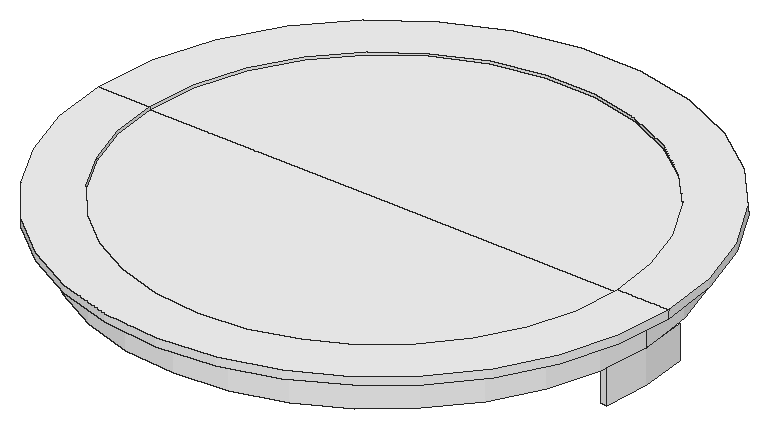
Revit family "0053892 Sylvania Lighting Fixture START eco Downlight Flat 1600lm 830 DIM", category Lighting Fixtures, host Face, Revit 2016
Family settings
  Host = Face
  Part Type = Normal
  Round Connector Dimension = Use Diameter
  OmniClass Number = 23.80.70.11.14.11
  OmniClass Title = Downlights
  Cut with Voids When Loaded = No
  Light Source = Yes
  Shared = No
  Room Calculation Point = No
Parameters (values of type "0053892 START eco Downlight Flat 1600lm 830 DIM ")
  Weight = "6.54 kg"
  Wattage Comments = "n/a"
  Wattage = 18 W
  WarrantyStartDate [instance] = "n/a"
  WarrantyGuarantorParts = "n/a"
  WarrantyDurationUnit = "year"
  WarrantyDurationParts = "n/a"
  WarrantyDescription = "n/a"
  built-in parameter 1150110 = 1 (stored number, unit not read)
  Voltage = 230 V
  URL = "http://www.feilosylvania.com"
  TypeName = "START eco Downlight Flat 1600lm 830 DIM"
  Type Image = <None>
  Type Comments = "n/a"
  built-in parameter 1114217 = 1 (stored number, unit not read)
  Tilt Angle = -90.00°
  built-in parameter 1150109 = 1 (stored number, unit not read)
  built-in parameter 1150134 = (empty or 0)
  built-in parameter 1150113 = 1 (stored number, unit not read)
  SpringMountStartAngle_FEILO = -SpringMountEndAngle_FEILO  # -10.00°
  SpringMountEndAngle_FEILO = 10.00°
  SerialNumber [instance] = "n/a"
  ReflectorMaterial = none
  RecessedHeight_FEILO = 26 mm
  RecessedDiameter_FEILO = 205 mm
  PowerFactor = 0
  PowerConsumption = "18 W"
  Photometric Web File = "0053309.ies"
  NominalLength = 222 mm
  NominalHeight = 26 mm
  NominalDepth = 222 mm
  Name = "START eco Downlight Flat 1600lm 830 DIM"
  ModelReference = Name  # "START eco Downlight Flat 1600lm 830 DIM"
  ModelNumber = "0053892"
  Model = Name  # "START eco Downlight Flat 1600lm 830 DIM"
  Material = "Aluminium"
  ManufacturerName = "Feilo Sylvania"
  Manufacturer = "Feilo Sylvania"
  LuminousEfficacy = "90 lm/W"
  built-in parameter 1150105 = 128.92 (stored number, unit not read)
  Lumens = 1620 lm
  LuminaireType = "LED recessed downlight"
  built-in parameter 1150115 = 1 (stored number, unit not read)
  LightOutputRatio = "1"
  built-in parameter 1150137 = (empty or 0)
  built-in parameter 1150139 = (empty or 0)
  LampsType = Lamp  # "LED"
  LampNominalLuminous = "1616 lm"
  LampMacAdamStep = "n/a"
  LampColourTemperature = "3000 K"
  LampColourRenderingIndex = "80"
  built-in parameter 1150112 = 1 (stored number, unit not read)
  built-in parameter 1150114 = 1 (stored number, unit not read)
  Lamp = "LED"
  Keynote = "16500"
  InstallationDate [instance] = "n/a"
  InputVoltage = "220-240V~"
  InputNominalFrequency = "50/60 Hz"
  built-in parameter 1150132 = (empty or 0)
  built-in parameter 1150102 = (empty or 0)
  built-in parameter 1150107 = 3000 (stored number, unit not read)
  built-in parameter 1150138 = (empty or 0)
  IngressProtection = "IP44"
  ImpactProtectionIndex = "IK06"
  built-in parameter 1150106 = 1.2892 (stored number, unit not read)
  IfcExportType = "IfcLightFixtureType"
  IfcExportAs = "IfcLightFixtureType"
  ExpectedLife = 50000
  Emit from Circle Diameter = 182 mm
  Emit Shape Visible in Rendering = no
  ElectricShockClassification = "Class II"
  built-in parameter 1150104 = 8.3613 (stored number, unit not read)
  DurationUnit = "hours"
  DocumentationLiterature = "http://www.feilosylvania.com/product/en-int/products/0053309"
  DimmingControlOptions = "Dimmable"
  Dimming Lamp Color Temperature Shift = <None>
  DiffuserMaterial = Diffuser-Sylvania-Glow
  Description = "Integrated LED recessed downlight providing 1620 fixture lumens at a wattage of 18W giving a high efficacy of 90lm/W. Fitting includes Leading/Trailing edge phase dimmable driver and has a round ceiling cut out of 205mm with an IP20 and IK02 rating providing uniform distribution with an Opal diffuser and 110° beam angle. Provided including a Loop in Loop out box and built Built white aluminium housing."
  Default Elevation = 1219.2 mm
  CutoutHeight_FEILO = RecessedHeight_FEILO + 10 mm  # 36 mm
  CreatedOn = "'03-11-2017"
  CreatedBy = "aron.fodor@feilosylvania.com"
  Cost = 0
  Color Filter = 16777215
  built-in parameter 1114216 [instance] = (empty or 0)
  ClassificationValue = "EF_70_80"
  ClassificationName = "Uniclass2015"
  BodyWidth_FEILO = 222 mm
  BodyMaterial = Body-Sylvania-SylFlatDimmable-White
  BodyLength_FEILO = 222 mm
  BodyHeight_FEILO = 13 mm
  BarCode [instance] = "n/a"
  built-in parameter 1114218 = 1 (stored number, unit not read)
  built-in parameter 1150133 = 10 (stored number, unit not read)
  AssetType = "Fixed"
  AssetIdentifier [instance] = "n/a"
  Assembly Code = "D5020200"
  Apparent Load = 0 VA
  AccessoryMaterial = Diffuser-Sylvania-Glow
Reference planes
  plane 1 "Center (Front/Back)": y = 0
  plane 2: z = 0
  plane 3 "Center (Left/Right)": x = 0
  plane 4: x = 111
  plane 5: x = -111
  plane 6: y = 111
  plane 7: y = -111
  plane 8: z = 3
  plane 9: z = -26
  plane 10: x = 102.5
  plane 11: x = -102.5
  plane 12: y = 102.5
  plane 13: y = -102.5
  plane 14: z = 2
  plane 15: x = -91
  plane 16: z = -13
  plane 17: x = -100
  plane 18: x = 100
  plane 19: z = -36
Forms (mm)
  Revolve 1, solid, material "Body-Sylvania-SylFlatDimmable-White" <- "BodyMaterial"
    sketch origin (0, 0, 0) x (1, 0, 0) y (0, 0, 1)
      loop
        line (0, -13) -> (0, 2) -> (-91, 2) -> (-91, 3) -> (-111, 3) -> (-111, 0) -> (-102.5, 0) -> (-102.5, -13) -> (0, -13)
      axis (0, 3) -> (0, -13)
    angle from 360 to 0
  Revolve 2, solid, material "Body-Sylvania-SylFlatDimmable-White" <- "BodyMaterial"
    sketch origin (0.654, 0, 0) x (1, 0, 0) y (0, 0, 1)
      loop
        line (-103.154, -13) -> (-103.154, -26) -> (-100.654, -26) -> (-100.654, -13) -> (-103.154, -13)
      axis (-0.654, -13) -> (-0.654, -26)
    angle from -10 <- "SpringMountStartAngle_FEILO" to 10 <- "SpringMountEndAngle_FEILO"
  Revolve 3, solid, material "Body-Sylvania-SylFlatDimmable-White" <- "BodyMaterial"
    sketch origin (0, 0, 0) x (1, 0, 0) y (0, 0, 1)
      loop
        line (102.5, -13) -> (100, -13) -> (100, -26) -> (102.5, -26) -> (102.5, -13)
      axis (0, -13) -> (0, -26)
    angle from -10 <- "SpringMountStartAngle_FEILO" to 10 <- "SpringMountEndAngle_FEILO"
  Revolve 4, void
    sketch origin (0, 0, 0) x (1, 0, 0) y (0, 0, 1)
      loop
        line (0, 0) -> (-102.5, 0) -> (-102.5, -36) -> (0, -36) -> (0, 0)
      axis (0, 0) -> (0, -36)
    angle from 360 to 0
Cuts and joins
  joined: Revolve 1, Revolve 2, Revolve 3
Dimensions and locks
  equal spacing: plane 5, plane 3 "Center (Left/Right)", plane 4
  equal spacing: plane 7, plane 1 "Center (Front/Back)", plane 6
  "BodyWidth_FEILO": plane 7 to plane 6
  "BodyLength_FEILO": plane 5 to plane 4
  "RecessedHeight_FEILO": plane 2 to plane 9
  locked: plane 8 to plane 2 at 3
  equal spacing: plane 11, plane 3 "Center (Left/Right)", plane 10
  "RecessedDiameter_FEILO": plane 11 to plane 10
  equal spacing: plane 13, plane 1 "Center (Front/Back)", plane 12
  "RecessedDiameter_FEILO": plane 13 to plane 12
  locked: plane 14 to plane 2 at 2
  locked: plane 15 to plane 5 at 20
  "BodyHeight_FEILO": plane 2 to plane 16
  equal spacing: plane 18, plane 3 "Center (Left/Right)", plane 17
  locked: plane 17 to plane 11 at 2.5
  "CutoutHeight_FEILO": plane 2 to plane 19
  aligned and locked: plane 2 to host face
  aligned and locked: level to host face
  aligned and locked: plane 3 "Center (Left/Right)" to Revolve 1 sketch curve
  aligned and locked: Revolve 1 sketch curve to plane 14
  aligned and locked: plane 15 to Revolve 1 sketch curve
  aligned and locked: Revolve 1 sketch curve to plane 8
  aligned and locked: Revolve 1 sketch curve to plane 5
  aligned and locked: Revolve 1 sketch curve to plane 11
  aligned and locked: Revolve 1 sketch curve to plane 3 "Center (Left/Right)"
  aligned and locked: Revolve 1 sketch curve to level
  aligned and locked: plane 16 to Revolve 1 sketch curve
  aligned and locked: Revolve 2 sketch curve to Revolve 1  (x2)
  aligned and locked: Revolve 2 sketch curve to plane 9
  aligned and locked: Revolve 2 sketch curve to plane 17
  aligned and locked: Revolve 2 sketch curve to plane 3 "Center (Left/Right)"
  aligned and locked: Revolve 3 sketch curve to plane 3 "Center (Left/Right)"
  aligned and locked: Revolve 3 sketch curve to Revolve 1  (x2)
  aligned and locked: plane 9 to Revolve 3 sketch curve
  aligned and locked: Revolve 3 sketch curve to plane 18
  aligned and locked: Revolve 4 sketch curve to plane 3 "Center (Left/Right)"
  aligned and locked: plane 19 to Revolve 4 sketch curve
  aligned and locked: plane 3 "Center (Left/Right)" to Revolve 4 sketch curve
  aligned and locked: Revolve 4 sketch curve to plane 11
  aligned and locked: level to Revolve 4 sketch curve
  aligned and locked: imposter light to plane 14
  aligned and locked: plane 3 "Center (Left/Right)" to imposter light
  aligned and locked: imposter light to plane 1 "Center (Front/Back)"
Automatic sketch dimensions
  host sketch curve to host sketch curve = 2438.4 mm  (x2)
  plane 9 to Revolve 1 sketch curve = 587.6 mm
  Revolve 1 sketch curve to plane 8 = 2606.058 mm
  plane 9 to Revolve 2 sketch curve = 587.6 mm
  Revolve 2 sketch curve to plane 8 = 2606.058 mm
  plane 9 to Revolve 3 sketch curve = 587.6 mm
  Revolve 3 sketch curve to plane 8 = 2606.058 mm
  plane 19 to Revolve 4 sketch curve = 577.6 mm
  Revolve 4 sketch curve to plane 8 = 2606.058 mm
Connectors
  electrical at (0, 0, 0), driven by "Apparent Load", driven by "PowerFactor", driven by "Voltage"
    settings: index 1, voltage 230 V, apparent load 0 VA, apparent load phase1 0 VA, apparent load phase2 0 VA, apparent load phase3 0 VA, power factor 0, load classification "Lighting", number of poles 1, system type 30, power factor state 1, is connector primary yes, connector utility no, sub classification motor no, connector description ""
